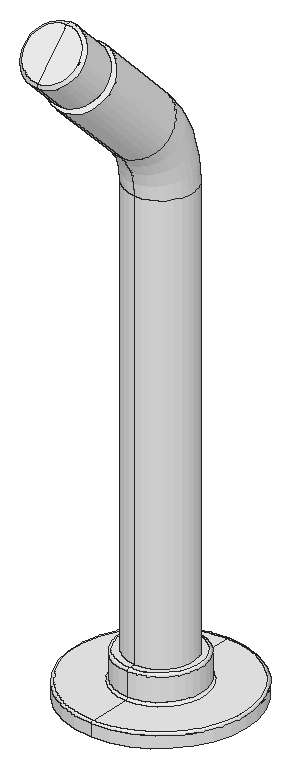
Revit family "Showerhead-Waterworks-Flyte-Arm_Flange", category Plumbing Fixtures, host Face, Revit 2014
Parameters (values of type "Chrome")
  ‌Installation Requirements or Notes = "Shower arms can be partnered with a variety of shower heads (sold separately): 6'' rain head, 4 1/2'' shower rose, or 2 3/4'' shower head with adjustable spray"  # constant formula
  Water Pressure = "Max: 85psi / Min: 20psi / Recommended: 45psi"  # constant formula
  Waste Connection = 1 = 0  # no
  Warranty = "http://www.waterworks.com/warranty"
  Version = "2014 - v1.0a"  # constant formula
  Vent Connection = 1 = 0  # no
  Support Phone = "(224) 699-9545"  # constant formula
  Support Email = "mailto:support@anguleris.com"
  Model SKU = if(Constraint = 1, "05-75929-52781", if(Constraint = 2, "05-13380-83807", if(Constraint = 3, "05-63769-47825", if(Constraint = 4, "05-35062-63247", "Not Available"))))  # "05-75929-52781"
  Manufacturer Email = "mailto:acallanan@waterworks.com"
  Length = 0' - 2 3/8"  # constant formula
  Keynote = "22 40 00"
  Water Connector = "Water - Male NPT"  # constant formula
  Inlet Connection Diameter = 0' - 0 1/2"  # constant formula
  Hot Limit Safety Stop = 1 = 0  # no
  Height = 0' - 3 5/16"  # constant formula
  HW Connection = 1 = 1  # yes
  WFU = 0
  URL = "http://www.waterworks.com/"
  Product Page URL = "http://www.waterworks.com/flyte-wall-mounted-shower-arm-and-flange-flsh01"
  Product Name = if(Constraint = 1, "Flyte Shower Arm and Flange in Chrome", if(Constraint = 2, "Flyte Shower Arm and Flange in Graphite", if(Constraint = 3, "Flyte Shower Arm and Flange in Nickel", if(Constraint = 4, "Flyte Shower Arm and Flange in Unlacquered Brass", "Not Available"))))  # "Flyte Shower Arm and Flange in Chrome"
  Product Documentation Link = "http://assets.waterworks.com/wasset/34/original/35834.pdf"
  Pressure = 45.00 psi
  Model = "FLSH01"  # constant formula
  Material = ""
  Manufacturer Phone Number = "(203)546-6201"  # constant formula
  Manufacturer Address = "60 Backus Avenue, Danbury, CT 06810"  # constant formula
  Manufacturer = "Waterworks"  # constant formula
  HWFU = 0
  Fittings Hole Diameter = 0' - 1"  # constant formula
  Finish = Metal - Waterworks - Chrome
  Description = if(Constraint = 1, "Shower Arm and Flange in Chrome", if(Constraint = 2, "Shower Arm and Flange in Graphite", if(Constraint = 3, "Shower Arm and Flange in Nickel", if(Constraint = 4, "Shower Arm and Flange in Unlacquered Brass", "Not Available"))))  # "Shower Arm and Flange in Chrome"
  Depth = 0' - 9 5/8"  # constant formula
  Default Elevation = 6' - 6"
  Copyright = "@2017 Waterworks Operating Company LLC. All rights reserved"  # constant formula
  Constraint = 1
  Code Compliance = "Code # FLSH01: Complies with ASME A112.18.1/CSA B125.1, ASTM E 1621-05.  Certified with IAPMO, cUPC & State of MA"  # constant formula
  Certification cUPC = 1 = 1  # yes
  Certification State of MA = 1 = 1  # yes
  Certification IAPMO = 1 = 1  # yes
  CWFU = 0
  CW Connection = 1 = 1  # yes
  Assembly Code = "D2010710"
  Anti-scald Protection = 1 = 0  # no
  ADA Compliant = 1 = 0  # no
Types (4): name | Model SKU | Product Name | Finish | Description | Default Elevation | Constraint
  Chrome | "05-75929-52781" | "Flyte Shower Arm and Flange in Chrome" | Metal - Waterworks - Chrome | "Shower Arm and Flange in Chrome" | 6' - 6" | 1
  Graphite | "05-13380-83807" | "Flyte Shower Arm and Flange in Graphite" | Metal - Waterworks - Graphite | "Shower Arm and Flange in Graphite" | 2' - 10" | 2
  Nickel | "05-63769-47825" | "Flyte Shower Arm and Flange in Nickel" | Metal - Waterworks - Nickel | "Shower Arm and Flange in Nickel" | 2' - 10" | 3
  Unlacquered Brass | "05-35062-63247" | "Flyte Shower Arm and Flange in Unlacquered Brass" | Metal - Waterworks - Unlacquered Brass | "Shower Arm and Flange in Unlacquered Brass" | 2' - 10" | 4
Reference planes (in)
  plane 1 "Center (Front/Back)": y = 0
  plane 2 "Back": z = 0
  plane 3 "Center (Left/Right)": x = 0
  plane 4 "Left": x = -1.1875
  plane 5 "Right": x = 1.1875
  plane 6 "Bottom": y = -2.125
  plane 7 "Front": z = 9
  plane 8 "Top": y = 1.1875
  plane 9: y = -1.1875
  plane 10: y = -0.4375
Forms (in)
  Revolve 1, solid, material "Metal - Waterworks - Chrome" <- "Finish"
    sketch origin (0, 0, 0) x (0, 1, 0) y (0, 0, 1)
      loop
        line (0, 0) -> (1.1875, 0) -> (1.1875, 0.15625)
        arc (1.1875, 0.15625) -> (1.17835, 0.17835) -> (1.15625, 0.1875) r 0.03125
        line (1.15625, 0.1875) -> (0.59375, 0.1875)
        arc (0.59375, 0.1875) -> (0.57165, 0.19665) -> (0.5625, 0.21875) r 0.03125
        line (0.5625, 0.21875) -> (0.5625, 0.53125)
        arc (0.5625, 0.53125) -> (0.55335, 0.55335) -> (0.53125, 0.5625) r 0.03125
        line (0.53125, 0.5625) -> (0.4375, 0.5625) -> (0.4375, 0.53125) -> (0, 0.53125) -> (0, 0)
      axis (0, 0.5625) -> (0, 0)
    angle from 0 to 360
  Sweep 2, solid, material "Metal - Waterworks - Chrome" <- "Finish"
    path origin (0, 0, 0) x (0, 1, 0) y (0, 0, 1)
      loop
        line (0, 0.53125) -> (0, 6.35723)
        arc (0, 6.35723) -> (-0.09515, 6.83559) -> (-0.36612, 7.24112) r 1.25
        line (-0.36612, 7.24112) -> (-1.3743, 8.2493)
    profile origin (0, 0, 3.44424) x (0, -1, 0) y (1, 0, 0)
      loop
        circle (0, 0) r 0.4375
  Revolve 3, solid, material "Metal - Waterworks - Chrome" <- "Finish"
    sketch origin (0, 0, 0) x (0, 1, 0) y (0, 0, 1)
      loop
        line (-1.13123, 8.49236) -> (-1.19752, 8.55866) -> (-1.15333, 8.60285) -> (-1.55048, 9) -> (-1.61298, 9) -> (-1.86899, 8.74399) -> (-1.3743, 8.2493) -> (-1.13123, 8.49236)
      axis (-1.3743, 8.2493) -> (-1.86899, 8.74399)
    angle from 0 to 360
Lines and regions (in)
  Masking region 1, detail levels medium+fine
    outline origin (0, 1.1875, 3.625) x (0, 0, -1) y (-1, 0, 0)
      loop
        line (3.0625, -0.4375) -> (3.0625, -0.53125)
        arc (3.0625, -0.53125) -> (3.07165, -0.55335) -> (3.09375, -0.5625) r 0.03125
        line (3.09375, -0.5625) -> (3.40625, -0.5625)
        arc (3.40625, -0.5625) -> (3.42835, -0.57165) -> (3.4375, -0.59375) r 0.03125
        line (3.4375, -0.59375) -> (3.4375, -1.15625)
        arc (3.4375, -1.15625) -> (3.44665, -1.17835) -> (3.46875, -1.1875) r 0.03125
        line (3.46875, -1.1875) -> (3.625, -1.1875) -> (3.625, 1.1875) -> (3.46875, 1.1875)
        arc (3.46875, 1.1875) -> (3.44665, 1.17835) -> (3.4375, 1.15625) r 0.03125
        line (3.4375, 1.15625) -> (3.4375, 0.59375)
        arc (3.4375, 0.59375) -> (3.42835, 0.57165) -> (3.40625, 0.5625) r 0.03125
        line (3.40625, 0.5625) -> (3.09375, 0.5625)
        arc (3.09375, 0.5625) -> (3.07165, 0.55335) -> (3.0625, 0.53125) r 0.03125
        line (3.0625, 0.53125) -> (3.0625, 0.4375) -> (-4.6243, 0.4375)
        spline (-4.6243, 0.4375) -> (-4.6341, 0.43728) -> (-4.64389, 0.43662) -> (-4.65366, 0.43552) -> (-4.6634, 0.43399) -> (-4.67311, 0.43202) -> (-4.68276, 0.42962) -> (-4.69235, 0.42678) -> (-4.70188, 0.42352) -> (-4.71133, 0.41983) -> (-4.72069, 0.41572) -> (-4.72996, 0.41119) -> (-4.73912, 0.40625)
        line (-4.73912, 0.40625) -> (-5.08774, 0.40625)
        spline (-5.08774, 0.40625) -> (-5.16209, 0.39241) -> (-5.23137, 0.35182) -> (-5.29086, 0.28726) -> (-5.33651, 0.20312) -> (-5.36521, 0.10515) -> (-5.375, 0) -> (-5.36521, -0.10515) -> (-5.33651, -0.20313) -> (-5.29086, -0.28726) -> (-5.23137, -0.35182) -> (-5.16209, -0.39241) -> (-5.08774, -0.40625)
        line (-5.08774, -0.40625) -> (-4.73912, -0.40625)
        spline (-4.73912, -0.40625) -> (-4.72996, -0.41119) -> (-4.72069, -0.41572) -> (-4.71133, -0.41983) -> (-4.70188, -0.42352) -> (-4.69235, -0.42678) -> (-4.68276, -0.42962) -> (-4.67311, -0.43202) -> (-4.6634, -0.43399) -> (-4.65366, -0.43552) -> (-4.64389, -0.43662) -> (-4.6341, -0.43728) -> (-4.6243, -0.4375)
        line (-4.6243, -0.4375) -> (3.0625, -0.4375)
  Masking region 2, detail levels coarse
    outline origin (0, 1.1875, 3.625) x (0, 0, -1) y (-1, 0, 0)
      loop
        line (3.0625, 0.5625) -> (3.0625, 0.4375) -> (-4.6243, 0.4375) -> (-5.11507, 0.40441)
        spline (-5.11507, 0.40441) -> (-5.18386, 0.38283) -> (-5.24687, 0.33822) -> (-5.3003, 0.27326) -> (-5.34095, 0.19186) -> (-5.36636, 0.09891) -> (-5.375, 0.00001) -> (-5.36636, -0.09888) -> (-5.34096, -0.19183) -> (-5.30032, -0.27324) -> (-5.24689, -0.3382) -> (-5.18388, -0.38282) -> (-5.11509, -0.4044)
        line (-5.11509, -0.4044) -> (-4.62464, -0.4375) -> (3.0625, -0.4375) -> (3.0625, -0.5625) -> (3.4375, -0.5625) -> (3.4375, -1.1875) -> (3.625, -1.1875) -> (3.625, 1.1875) -> (3.4375, 1.1875) -> (3.4375, 0.5625) -> (3.0625, 0.5625)
  Split face 1
    outline origin (0, -1.86899, 8.74399) x (0, 0.707107, 0.707107) y (-1, 0, 0)
      loop
        arc (-0.3125, 0) -> (0, -0.3125) -> (0.3125, 0) r 0.3125
  Split face 2
    outline origin (0, -1.86899, 8.74399) x (0, 0.707107, 0.707107) y (-1, 0, 0)
      loop
        arc (0.3125, 0) -> (0, 0.3125) -> (-0.3125, 0) r 0.3125
  Split face 3
    outline origin (0, 0, 0) x (0, 1, 0) y (-1, 0, 0)
      loop
        circle (0, -0.5) r 0.25
  Split face 4
    outline origin (0, 0, 0) x (0, 1, 0) y (-1, 0, 0)
      loop
        circle (0, 0.5) r 0.25
  symbolic lines, style "Medium", detail levels fine
    curve 1: line (-0.4375, 0, 0.5625) -> (0.4375, 0, 0.5625)
    curve 2: line (-0.59375, 0, 0.1875) -> (0.59375, 0, 0.1875)
Dimensions and locks (in)
  equal spacing: plane 4 "Left", plane 3 "Center (Left/Right)", plane 5 "Right"
  locked: plane 4 "Left" to plane 5 "Right" at 2.375
  locked: plane 8 "Top" to Revolve 1 sketch curve at 0.03125
  Revolve 1 sketch curve to Revolve 1 sketch curve to Revolve 1 sketch curve to Revolve 1 sketch curve to plane 1 "Center (Front/Back)" = 0' - 0 1/32" locked, 0' - 0 1/32" locked, 0' - 0 3/32" locked, 0' - 0 7/16" locked
  Revolve 1 sketch curve to Revolve 1 sketch curve to Revolve 1 sketch curve to Revolve 1 sketch curve to Revolve 1 sketch curve to Revolve 1 sketch curve to plane 2 "Back" = 0' - 0 1/32" locked, 0' - 0" locked, 0' - 0 5/16" locked, 0' - 0 1/32" locked, 0' - 0 1/32" locked, 0' - 0 5/32" locked
  locked: plane 7 "Front" to Sweep 2 sketch curve at 2.64277
  locked: plane 1 "Center (Front/Back)" to Sweep 2 sketch curve at 1.25
  locked: plane 7 "Front" to Sweep 2 sketch curve at 0.7507
  locked: plane 2 "Back" to Revolve 3 sketch curve at 4.86136
  Revolve 3 sketch curve to Revolve 3 sketch curve to Revolve 3 sketch curve = 0' - 0 11/32" locked, 0' - 0 1/16" locked
  Revolve 3 sketch curve to Revolve 3 sketch curve to Sweep 2 = 0' - 0.60585" locked, 0' - 0 3/32" locked
  equal spacing: plane 9, plane 1 "Center (Front/Back)", plane 8 "Top", locked at 1.1875 each
  locked: plane 6 "Bottom" to plane 1 "Center (Front/Back)" at 2.125
  locked: plane 10 to plane 1 "Center (Front/Back)" at 0.4375
  locked: plane 6 "Bottom" to Split face 1 sketch curve at 0.25601
  locked: plane 6 "Bottom" to Split face 2 sketch curve at 0.25601
  plane 3 "Center (Left/Right)" to Split face 3 sketch curve to Split face 3 sketch curve = 0' - 0 1/4" locked, 0' - 0 1/4" locked
  Split face 4 sketch curve to Split face 4 sketch curve to plane 3 "Center (Left/Right)" = 0' - 0 1/4" locked, 0' - 0 1/4" locked
  plane 7 "Front" to plane 2 "Back" = 0' - 9"
  locked: Sweep 2 sketch curve to plane 1 "Center (Front/Back)" (angle 45.00°)
  locked: plane 7 "Front" to Revolve 3 sketch curve (angle 45.00°)
  aligned and locked: host face to plane 2 "Back"
  aligned and locked: level to host face
  aligned and locked: Revolve 1 sketch curve to plane 1 "Center (Front/Back)"
  aligned and locked: plane 1 "Center (Front/Back)" to Revolve 1 sketch curve
  aligned and locked: plane 2 "Back" to Revolve 1 sketch curve
  aligned and locked: plane 8 "Top" to Revolve 1 sketch curve
  aligned and locked: plane 1 "Center (Front/Back)" to Sweep 2 sketch curve
  aligned and locked: Revolve 1 to Sweep 2 sketch curve
  aligned and locked: Sweep 2 sketch curve to Revolve 1  (x2)
  aligned and locked: Sweep 2 to Revolve 3 sketch curve
  aligned and locked: Revolve 3 sketch curve to Revolve 3 sketch curve
  aligned and locked: Revolve 3 sketch curve to plane 7 "Front"
  aligned and locked: Revolve 1 to Masking region 1 sketch curve  (x2)
  aligned and locked: plane 2 "Back" to Masking region 1 sketch curve
  aligned and locked: plane 5 "Right" to Masking region 1 sketch curve
  aligned and locked: plane 4 "Left" to Masking region 1 sketch curve
  aligned and locked: Masking region 2 sketch curve to plane 5 "Right"
  aligned and locked: plane 2 "Back" to Masking region 2 sketch curve
  aligned and locked: plane 4 "Left" to Masking region 2 sketch curve
  aligned and locked: Masking region 2 sketch curve to Masking region 1  (x4)
  aligned and locked: plane 3 "Center (Left/Right)" to Split face 1 sketch curve
  aligned and locked: plane 3 "Center (Left/Right)" to Split face 2 sketch curve
  aligned and locked: plane 1 "Center (Front/Back)" to Split face 3 sketch curve
  aligned and locked: plane 1 "Center (Front/Back)" to Split face 4 sketch curve
  aligned and locked: curve 1 to Revolve 1
  aligned and locked: Masking region 1 to curve 2
Automatic sketch dimensions
  host sketch curve to host sketch curve = 6' - 0"  (x2)
  Revolve 1 sketch curve to Revolve 1 sketch curve = 1' - 0"
  plane 7 "Front" to Revolve 1 sketch curve = 0' - 10 15/16"
  Revolve 3 sketch curve to plane 7 "Front" = 0' - 0"
  Masking region 1 sketch curve to plane 3 "Center (Left/Right)" = 0' - 0"  (x3)
  plane 3 "Center (Left/Right)" to Masking region 1 sketch curve = 0' - 0 7/16"
  Masking region 1 sketch curve to plane 7 "Front" = 0' - 0.7507"
  Masking region 1 sketch curve to Masking region 1 sketch curve = 0' - 0"  (x2)
  Masking region 1 sketch curve to Masking region 1 sketch curve = 0' - 0.11482"  (x2)
  Masking region 1 sketch curve to plane 7 "Front" = 0' - 0.28726"
  Masking region 1 sketch curve to Masking region 1 sketch curve = 0' - 0 1/32"  (x3)
  level to Masking region 1 sketch curve = 0' - 0 7/32"  (x2)
  Masking region 1 sketch curve to plane 5 "Right" = 0' - 0 1/32"
  level to Masking region 1 sketch curve = 0' - 0 3/16"
  Masking region 1 sketch curve to Masking region 1 sketch curve = 0' - 0 5/32"
  plane 3 "Center (Left/Right)" to Masking region 1 sketch curve = 0' - 0 13/32"
  Masking region 1 sketch curve to Masking region 1 sketch curve = 0' - 0 3/32"
  plane 4 "Left" to Masking region 1 sketch curve = 0' - 0 1/32"
  Masking region 2 sketch curve to plane 3 "Center (Left/Right)" = 0' - 0"
  Masking region 2 sketch curve to Masking region 2 sketch curve = 0' - 0 3/8"  (x2)
  plane 3 "Center (Left/Right)" to Masking region 2 sketch curve = 0' - 0 7/16"
  Masking region 2 sketch curve to Masking region 2 sketch curve = 0' - 0 1/8"
  Masking region 2 sketch curve to Masking region 2 sketch curve = 0' - 0 7/256"
  plane 3 "Center (Left/Right)" to Masking region 2 sketch curve = 0' - 0.4044"
  Masking region 2 sketch curve to Masking region 2 sketch curve = 0' - 0.00184"
  Masking region 2 sketch curve to Masking region 2 sketch curve = 0' - 0.46344"
  Masking region 2 sketch curve to plane 7 "Front" = 0' - 0.7507"
  Masking region 2 sketch curve to Masking region 2 sketch curve = 0' - 0.4631"
  Masking region 2 sketch curve to plane 7 "Front" = 0' - 0.25991"
  Split face 1 sketch curve to Split face 1 sketch curve = 0' - 0 5/16"
  Split face 2 sketch curve to Split face 2 sketch curve = 0' - 0 5/16"
  curve 2 to plane 3 "Center (Left/Right)" = 0' - 0 19/32"
  curve 2 to curve 1 = 0' - 0 5/32"
  plane 3 "Center (Left/Right)" to curve 1 = 0' - 0 7/16"
  curve 1 to curve 2 = 0' - 0 5/32"
Connectors (in)
  piping at (0, 0, 0), diameter 0.5, driven by "Inlet Connection Diameter", driven by "Water Connector"
    settings: on Revolve 1, index 1, connector inside diameter 24", connector length 0' - 0", flow factor 0, pipe flow 0 GPM, pressure drop 0.00 psi, fitting loss kfactor 0, connector angle 0.00°, fixture units 0, engagement length 0' - 0", angle of deflection 0.00°, flow configuration 0, flow direction 1, fitting loss method 0, system type 19, joint type 0, gender type 0, connector reference index -1, connector utility 0, adjustable connector no, is connector primary yes, connector description "Water - Male NPT"
